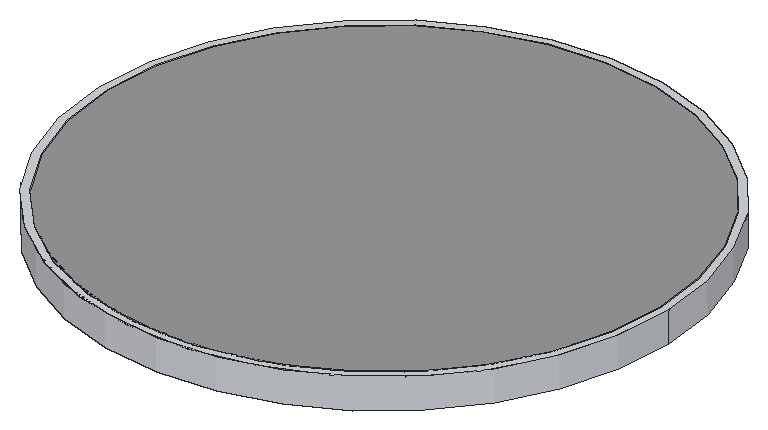
Revit family "2071310", category Lighting Fixtures, host Face, Revit 2018
Family settings
  Host = Face
  Round Connector Dimension = Use Diameter
  Part Type = Junction Box
  OmniClass Number = 23.80.70.00
  OmniClass Title = Lighting
  Cut with Voids When Loaded = No
  Light Source = Yes
  Shared = No
  Room Calculation Point = No
Parameters (values of type "2071310 COLOSSAL 1200 830 PR DIR+H WHT DALI EM")
  iner diameter = 1168 mm
  Weight = "n/a"
  Wattage Comments = ""
  Wattage = 30 W
  WarrantyStartDate [instance] = "n/a"
  WarrantyGuarantorParts = "n/a"
  WarrantyDurationUnit = "n/a"
  WarrantyDurationParts = ""
  WarrantyDescription = "http://www.sylvania-lighting.com"
  built-in parameter 1150110 = 1 (stored number, unit not read)
  Voltage = 230 V
  URL = "0.95"
  TypeName = "COLOSSAL 1200mm 830 PRISM DIR+HAL WHITE DALI EM"
  Type Image = <None>
  Type Comments = "n/a"
  built-in parameter 1114217 = 1 (stored number, unit not read)
  Tilt Angle = -90.00°
  built-in parameter 1150109 = 1 (stored number, unit not read)
  built-in parameter 1150134 = (empty or 0)
  built-in parameter 1150113 = 1 (stored number, unit not read)
  SerialNumber [instance] = "n/a"
  Photometric Web File = "2071310.ies"
  Material_3_SYL = LED-Sylvania
  PowerFactor = 0
  PowerConsumption = "Lighting"
  NominalLength = 1168 mm
  NominalHeight = 93 mm
  NominalDepth = 1168 mm
  Name = "COLOSSAL 1200mm 830 PRISM DIR+HAL WHITE DALI EM"
  ModelReference = Name  # "COLOSSAL 1200mm 830 PRISM DIR+HAL WHITE DALI EM"
  ModelNumber = "2071310"
  Model = Name  # "COLOSSAL 1200mm 830 PRISM DIR+HAL WHITE DALI EM"
  Material = "Feilo Sylvania"
  ManufacturerName = "132 lm/W"
  Manufacturer = ""
  LuminousEfficacy = ""
  built-in parameter 1150105 = 270.44 (stored number, unit not read)
  Lumens = 3398.4 lm
  LuminaireType = "0"
  built-in parameter 1150115 = 1 (stored number, unit not read)
  LightOutputRatio = "LED"
  built-in parameter 1150137 = (empty or 0)
  built-in parameter 1150139 = (empty or 0)
  LampsType = Lamp  # "n/a"
  LampNominalLuminous = "3000 K"
  LampMacAdamStep = "80"
  LampColourTemperature = "LED"
  LampColourRenderingIndex = "16500"
  built-in parameter 1150112 = 1 (stored number, unit not read)
  built-in parameter 1150114 = 1 (stored number, unit not read)
  Lamp = "n/a"
  Keynote = "n/a"
  InstallationDate [instance] = "n/a"
  InputVoltage = "0"
  InputNominalFrequency = "3000"
  built-in parameter 1150132 = (empty or 0)
  built-in parameter 1150102 = (empty or 0)
  built-in parameter 1150107 = 3000 (stored number, unit not read)
  built-in parameter 1150138 = (empty or 0)
  IngressProtection = "IfcLightFixtureType"
  ImpactProtectionIndex = "IfcLightFixtureType"
  built-in parameter 1150106 = 2.7044 (stored number, unit not read)
  IfcExportType = "IfcLightFixtureType"
  IfcExportAs = "Class I"
  Emit from Circle Diameter = 385 mm
  Emit Shape Visible in Rendering = no
  ElectricShockClassification = "132"
  built-in parameter 1150104 = 10.524 (stored number, unit not read)
  DocumentationLiterature = "http://www.sylvania-lighting.com/product/en-int/products/2071310"
  DimmingControlOptions = "n/a"
  Material_2_SYL = Polycarbonate_Sylvania_White
  Dimming Lamp Color Temperature Shift = <None>
  Description = "1200mm diameter circular architectural luminaire, can be surface mounted or suspended. Powder coated aluminium housing (RAL9016) with PMMA prismatic diffuser. Direct/indirect (halo) light distribution, 15880lm luminuous flux, 120W system power, 132lm/W luminiaire efficacy. DALI dimmable. 3 hours integrated emergency. Colour rendering index Ra >80, 3000K Warm White LED, chromaticity tolerance of 3-step MacAdam ellipse. IP40/IP20, IK03. 350mA drive current. UGR≤19. Electrical protection Class1, 220-240V. Reported lifetime 66k hours L90B10."
  Default Elevation = 1219.2 mm
  CreatedOn = "23/03/2022"
  CreatedBy = "@sylvania-lighting.com"
  Cost = 0
  Color Filter = 16777215
  built-in parameter 1114216 [instance] = (empty or 0)
  ClassificationValue = "EF_70_80"
  ClassificationName = "Uniclass2015"
  Material_1_SYL = Polycarbonate_Sylvania_Opal
  BarCode [instance] = "n/a"
  built-in parameter 1114218 = 1 (stored number, unit not read)
  built-in parameter 1150133 = 10 (stored number, unit not read)
  AssetType = "Fixed"
  AssetIdentifier [instance] = "n/a"
  Assembly Code = "D5020200"
  Apparent Load = 120 VA
  Material_4_SYL = none
Reference planes
  plane 1 "Center (Front/Back)": y = 0
  plane 2: z = 0
  plane 3 "Center (Left/Right)": x = 0
  plane 4: z = 1.161
  plane 5: z = 16.161
  plane 6: y = 584
  plane 7: y = -584
  plane 8: x = 85
  plane 9: x = -85
  plane 10: through (0, 0, 1219.2) normal (0.5, 0.866, 0)
  plane 11: through (42.5, 73.612, 1219.2) normal (0.5, 0.866, 0)
  plane 12: through (-42.5, -73.612, 1219.2) normal (0.5, 0.866, 0)
  plane 13: through (0, 0, 1219.2) normal (0.5, -0.866, 0)
  plane 14: through (-42.5, 73.612, 1219.2) normal (0.5, -0.866, 0)
  plane 15: through (42.5, -73.612, 1219.2) normal (0.5, -0.866, 0)
  plane 16: z = 93
  plane 17: y = 584
  plane 18: y = -584
  plane 19: y = -429
  plane 20: x = -584
  plane 21: x = 584
Forms (mm)
  Extrusion 1, solid, detail levels medium+fine
    sketch origin (0, 0, 0) x (0.866025, -0.5, 0) y (0.5, 0.866025, 0)
      loop
        circle (-50, 86.603) r 22
    from 0 to 2
  Extrusion 2, solid, detail levels medium+fine
    sketch origin (0, 0, 0) x (0.866025, -0.5, 0) y (0.5, 0.866025, 0)
      loop
        circle (100, 0) r 22
      loop
        circle (-50, -86.603) r 22
    from 0 to 2
  Extrusion 3, solid, detail levels medium+fine
    sketch origin (0, 0, 0) x (1, 0, 0) y (0, 1, 0)
      loop
        circle (0, 0) r 584
    from 30 to 93
  Extrusion 4, void
    sketch origin (0, 0, 0) x (1, 0, 0) y (0, 1, 0)
      loop
        circle (0, 0) r 568
    from 96.588 to 37.292
  Extrusion 5, solid, material "Glass, White, High Luminance", detail levels fine
    sketch origin (0, 0, 0) x (1, 0, 0) y (0, 1, 0)
      loop
        circle (0, 0) r 568
    from 88.022 to 93
  Extrusion 6, solid, detail levels coarse
    sketch origin (0, 0, 0) x (1, 0, 0) y (0, 1, 0)
      loop
        line (-584, 584) -> (-584, -584) -> (584, -584) -> (584, 584) -> (-584, 584)
    from 0 to 93
  Blend 7, solid, detail levels medium+fine
    base sketch origin (-10.814, 11.299, 29.922) x (1, 0, 0) y (0, 1, 0)
      loop
        line (-402.654, -330.622) -> (397.346, -330.622) -> (482.346, -183.398) -> (82.346, 509.423) -> (-87.654, 509.423) -> (-487.654, -183.398) -> (-402.654, -330.622)
    top sketch origin (-10.814, 11.299, 29.922) x (1, 0, 0) y (0, 1, 0)
      loop
        line (-363.391, -306.496) -> (364.632, -306.496) -> (449.632, -159.272) -> (87.132, 468.597) -> (-82.868, 468.597) -> (-445.368, -159.272) -> (-363.391, -306.496)
    from 0 to -30
Cuts and joins
  Extrusion 4 cuts Extrusion 1
  Extrusion 4 cuts Extrusion 2
  Extrusion 4 cuts Extrusion 3
Lines and regions (mm)
  model lines, detail levels medium+fine
    curve 1: circle (0, 0, 0) r 155 normal (0, 0, 1)
  reference lines
    curve 2: circle (0, 0, 0) r 489 normal (0, 0, 1)
    curve 3: circle (0, 0, 0) r 521 normal (0, 0, 1)
    curve 4: line (0, 0, 0) -> (606.218, -350, 0)
    curve 5: line (0, 0, 0) -> (0, 825, 0)
    curve 6: line (0, 0, 0) -> (-623.538, -360, 0)
    curve 7: line (639.013, -270.785, 0) -> (85, 49.075, 0)
    curve 8: line (563.718, -423.612, 0) -> (0, -98.15, 0)
    curve 9: line (85, 49.075, 0) -> (85, 825, 0)
    curve 10: line (-85, 49.075, 0) -> (-85, 825, 0)
    curve 11: line (-85, 49.075, 0) -> (-666.038, -286.388, 0)
    curve 12: line (-581.038, -433.612, 0) -> (0, -98.15, 0)
Dimensions and locks
  plane 4 to level = 1.161 mm
  locked: plane 5 to plane 4 at 15
  "NominalDepth": plane 6 to plane 7
  plane 6 to plane 1 "Center (Front/Back)" to plane 7 = 584 mm, 584 mm
  "NominalHeight": level to plane 16
  equal spacing: plane 17, plane 1 "Center (Front/Back)", plane 18
  "NominalLength": plane 20 to plane 21
  equal spacing: plane 20, plane 3 "Center (Left/Right)", plane 21
  aligned and locked: plane 2 to host face
  aligned and locked: level to host face
  aligned and locked: plane 6 to Extrusion 6
Automatic sketch dimensions
  host sketch curve to host sketch curve = 2438.4 mm  (x2)
  Extrusion 1 sketch curve to plane 3 "Center (Left/Right)" = 0 mm
  Extrusion 1 sketch curve to plane 1 "Center (Front/Back)" = 100 mm
  plane 1 "Center (Front/Back)" to Extrusion 2 sketch curve = 50 mm
  Extrusion 2 sketch curve to plane 3 "Center (Left/Right)" = 86.603 mm
  Extrusion 2 sketch curve to Extrusion 2 sketch curve = 150 mm
  Extrusion 2 sketch curve to Extrusion 2 sketch curve = 86.603 mm
  plane 1 "Center (Front/Back)" to curve 1 = 0 mm
  curve 1 to plane 3 "Center (Left/Right)" = 0 mm
  plane 1 "Center (Front/Back)" to Extrusion 3 sketch curve = 0 mm
  Extrusion 3 sketch curve to plane 3 "Center (Left/Right)" = 0 mm
  plane 1 "Center (Front/Back)" to Extrusion 4 sketch curve = 0 mm
  Extrusion 4 sketch curve to plane 3 "Center (Left/Right)" = 0 mm
  plane 1 "Center (Front/Back)" to Extrusion 5 sketch curve = 0 mm
  Extrusion 5 sketch curve to plane 3 "Center (Left/Right)" = 0 mm
  curve 2 to curve 3 = 0 mm  (x2)
  curve 11 to plane 14 = 0 mm
  curve 6 to plane 13 = 0 mm
  curve 12 to plane 15 = 0 mm
  curve 10 to plane 9 = 0 mm
  curve 12 to plane 3 "Center (Left/Right)" = 0 mm
  plane 1 "Center (Front/Back)" to curve 3 = 0 mm
  curve 3 to plane 3 "Center (Left/Right)" = 0 mm
  curve 7 to plane 8 = 0 mm
  curve 11 to plane 10 = 0 mm
  curve 12 to plane 19 = 4.612 mm
  plane 19 to curve 6 = 69 mm
  plane 19 to curve 11 = 142.612 mm
  plane 19 to curve 8 = 5.388 mm
  plane 19 to curve 4 = 79 mm
  plane 19 to curve 7 = 158.215 mm
  plane 6 to curve 5 = 241 mm
  curve 10 to curve 5 = 0 mm
  curve 5 to curve 9 = 0 mm
  plane 1 "Center (Front/Back)" to curve 6 = 0 mm
  curve 6 to plane 3 "Center (Left/Right)" = 0 mm
  Extrusion 6 sketch curve to plane 7 = 0 mm
  Extrusion 6 sketch curve to plane 6 = 0 mm
  Blend 7 sketch curve to plane 6 = 756.098 mm  (x2)
  Blend 7 sketch curve to Blend 7 sketch curve = 85 mm
  plane 3 "Center (Left/Right)" to Blend 7 sketch curve = 386.532 mm
  plane 8 to Blend 7 sketch curve = 386.532 mm
  Blend 7 sketch curve to plane 6 = 63.278 mm
  Blend 7 sketch curve to plane 6 = 731.972 mm  (x2)
  Blend 7 sketch curve to Blend 7 sketch curve = 81.977 mm
  plane 3 "Center (Left/Right)" to Blend 7 sketch curve = 353.818 mm
  plane 8 to Blend 7 sketch curve = 353.818 mm
  Blend 7 sketch curve to plane 6 = 104.104 mm
  plane 12 to curve 8 = 0 mm
  plane 19 to Blend 7 sketch curve = 109.677 mm
  plane 19 to Blend 7 sketch curve = 133.803 mm
  plane 8 to Extrusion 6 sketch curve = 499 mm
  Extrusion 6 sketch curve to plane 9 = 499 mm
  Blend 7 sketch curve to plane 8 = 13.468 mm
  Blend 7 sketch curve to plane 9 = 13.468 mm
  Blend 7 sketch curve to plane 9 = 328.468 mm
  Blend 7 sketch curve to plane 8 = 8.682 mm
  Blend 7 sketch curve to plane 9 = 8.682 mm
  Blend 7 sketch curve to plane 9 = 289.205 mm
  plane 10 to curve 4 = 0 mm
  plane 11 to curve 7 = 0 mm
  curve 12 to plane 12 = 0 mm
  curve 9 to plane 11 = 0 mm
  radius of Extrusion 1 sketch curve = 22 mm
  radius of Extrusion 2 sketch curve = 22 mm  (x2)
  radius of curve 1 = 155 mm
  radius of Extrusion 3 sketch curve = 584 mm
  radius of Extrusion 4 sketch curve = 568 mm
  radius of Extrusion 5 sketch curve = 568 mm
  radius of curve 2 = 489 mm
  radius of curve 3 = 521 mm
Connectors
  electrical at (0, 0, 30)
    settings: on cut or joined group of Extrusion 3, Extrusion 4, index 1, voltage 0 V, apparent load 0 VA, apparent load phase1 0 VA, apparent load phase2 0 VA, apparent load phase3 0 VA, power factor 1, load classification "Other", number of poles 1, system type 31, power factor state 1, is connector primary yes, connector utility no, sub classification motor no, connector description ""
